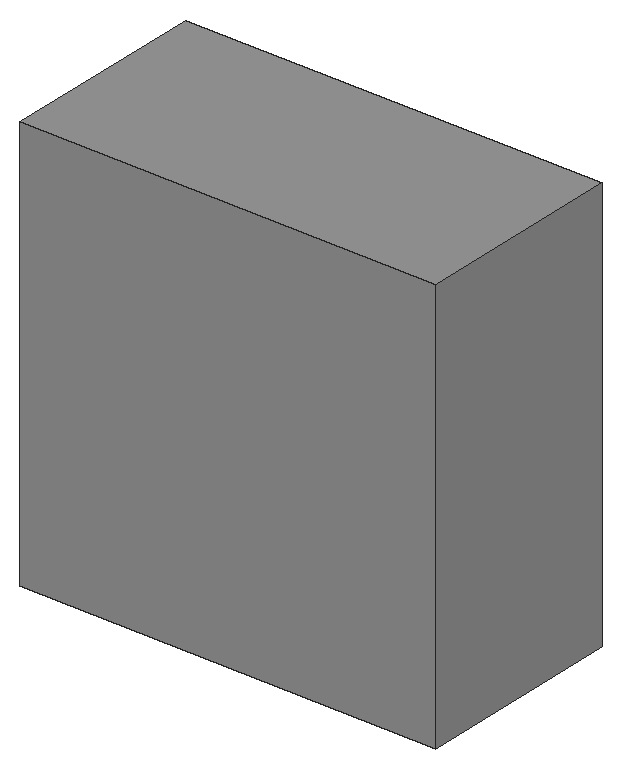
Revit family "EI_Energieversorgung_V1700", category Elektroinstallationen, Revit 2017
Family settings
  Beschriftungsausrichtung beibehalten = Nein
  Bemaßung runder Anschluss = Durchmesser verwenden
  Teiletyp = Normal
  OmniClass-Nummer = 23.80.00.00
  OmniClass-Titel = Electric Power and Lighting
  Arbeitsebenenbasiert = Nein
  Immer vertikal = Ja
  Beim Laden mit Abzugskörper schneiden = Ja
  Gemeinsam genutzt = Nein
  Raumberechnungspunkt = Nein
Parameters (values of type "Netzteil_ZK")
  pbr_Material_KZ = ""
  pbr_Material = none
  pbr_E_Typ = ""
  pbr_E_KZ = ""
  pbr_DINBild = 0
  pbr_Bild = 0
  pbr_3Dx_Delta_Korrekturversatz [instance] = 0 mm
  pbr_3DX_Versatzfaktor [instance] = 0
  pbr_2DY_Versatzfaktor [instance] = 0
  pbr_2DX_Versatzfaktor [instance] = 0
  cpiFitMatchKey [instance] = "E-NZGR"  # constant formula
  Zentrale [instance] = ""
  Wirkleistung [instance] = 0 W
  Typ [instance] = ""
  Tiefe = 40 mm
  Text3 [instance] = ""
  Text2 [instance] = ""
  Text1 [instance] = ""
  Spannung [instance] = 0
  Scheinleistung [instance] = 0 VA
  Schaltgruppe2 [instance] = 0
  Schaltgruppe1 [instance] = 0
  Polig [instance] = 1
  Planungsbüro Rohling = "www.pbr.de"
  Netzteil (ZK) = yes
  Netzteil (SR) = no
  Netzgerät (BMA) = no
  Nennstrom [instance] = 0
  Menge(Dosenzahl) [instance] = 0
  Länge = Breite  # 80 mm
  Linie/Anschluss [instance] = ""
  Leistungsfaktor [instance] = 0
  Lastklassifizierung = none
  Installationsart [instance] = ""
  Info [instance] = ""
  Gleichzeitigkeitsfaktor3 [instance] = 0
  Gleichzeitigkeitsfaktor2 [instance] = 0
  Gleichzeitigkeitsfaktor1 [instance] = 0
  Gewerk [instance] = "ZK"
  Eckversatz [instance] = 0 mm
  YFrontversatz [instance] = if(pbr_2DY_Versatzfaktor = 300, 0 mm, pbr_2DY_Versatzfaktor * 300 mm)  # 0 mm
  XSeitenversatz [instance] = if(pbr_2DX_Versatzfaktor = 0, 3000 mm, 3000 mm + (pbr_2DX_Versatzfaktor * 300 mm)) + Eckversatz  # 3000 mm
  X3Dversatz [instance] = if([3DX_Versatzkontrolle] = 0, 2000 mm, 2000 mm + ([3DX_Versatzkontrolle] * (300 mm - Breite))) + pbr_3Dx_Delta_Korrekturversatz  # 2000 mm
  Niveau [instance] = 1100 mm
  Breite = 80 mm
  Anlaufstrom [instance] = 0
  3DX_Versatzkontrolle [instance] = if(pbr_3DX_Versatzfaktor = 0, (pbr_2DX_Versatzfaktor * -1), (((-1 * pbr_3DX_Versatzfaktor) + pbr_2DX_Versatzfaktor) * -1))  # 0
Types (4, lengths in mm): name | Netzteil (ZK) | Netzteil (SR) | Gewerk
  Netzgeraet_BMA | yes | no | "BMA"
  Netzteil_HR | no | yes | "HR"
  Netzteil_SR | no | yes | "SR"
  Netzteil_ZK | yes | no | "ZK"
Reference planes
  plane 1 "Mitte (Vorne/Hinten)": y = 0
  plane 2: z = 0
  plane 3 "Mitte (Links/Rechts)": x = 22.5
  plane 4: x = -127.5
  plane 5: x = 172.5
  plane 6: y = 300
  plane 7 "Schalterhinten": y = 0
  plane 8: x = -2977.5
  plane 9: x = 22.5
  plane 10: x = -1977.5
  plane 11: x = -17.5
  plane 12: x = 62.5
  plane 13: z = 1140
  plane 14: z = 1060
  plane 15 "SchalterVorne": y = 40
  plane 16 "3DMitte": x = 22.5
  plane 17 "Achse": z = 1100
  plane 18: z = 1097.5
  plane 19: z = 1102.5
  plane 20 "2DMitte": y = 150
Forms (mm)
  Extrusion 1, solid, material "Stahl, weich, geschweißt"
    sketch origin (0, 20, 0) x (0, 0, 1) y (-1, 0, 0)
      loop
        line (1060, 17.5) -> (1060, -62.5) -> (1140, -62.5) -> (1140, 17.5) -> (1060, 17.5)
    from -20 to 20
Lines and regions (mm)
  model lines, not visible
    curve 1: line (-127.5, 0, 0) -> (172.5, 0, 0)
    curve 2: line (-127.5, 300, 0) -> (-127.5, 0, 0)
    curve 3: line (172.5, 300, 0) -> (-127.5, 300, 0)
    curve 4: line (172.5, 0, 0) -> (172.5, 300, 0)
Dimensions and locks
  locked: plane 6 to plane 7 "Schalterhinten" at 300
  "XSeitenversatz": plane 8 to plane 9
  plane 8 to plane 3 "Mitte (Links/Rechts)" = 3000 mm
  "YFrontversatz": plane 1 "Mitte (Vorne/Hinten)" to plane 7 "Schalterhinten"
  "Breite": plane 12 to plane 11
  "Länge": plane 13 to plane 14
  plane 9 to plane 10 = 2000 mm
  equal spacing: plane 12, plane 16 "3DMitte", plane 11
  "X3Dversatz": plane 16 "3DMitte" to plane 10
  equal spacing: plane 13, plane 17 "Achse", plane 14
  "Niveau": plane 17 "Achse" to level
  "Tiefe": plane 15 "SchalterVorne" to plane 1 "Mitte (Vorne/Hinten)"
  plane 13 to plane 18 = 42.5 mm
  plane 19 to plane 14 = 42.5 mm
  equal spacing: plane 4, plane 9, plane 5, locked at 150 each
  locked: plane 4 to plane 5 at 300
  equal spacing: plane 6, plane 20 "2DMitte", plane 7 "Schalterhinten", locked at 150 each
  aligned and locked: level to plane 2
  aligned and locked: curve 1 to plane 7 "Schalterhinten"
  aligned and locked: curve 2 to plane 4
  aligned and locked: plane 6 to curve 3
  aligned and locked: plane 5 to curve 4
  aligned and locked: Extrusion 1 sketch curve to plane 14
  aligned and locked: Extrusion 1 sketch curve to plane 11
  aligned and locked: Extrusion 1 sketch curve to plane 13
  aligned and locked: plane 12 to Extrusion 1 sketch curve
  aligned and locked: plane 1 "Mitte (Vorne/Hinten)" to Extrusion 1
  aligned and locked: Extrusion 1 to plane 15 "SchalterVorne"
  aligned and locked: nested 1 to plane 9
  aligned and locked: nested 1 to plane 7 "Schalterhinten"
  aligned and locked: nested 2 to plane 9
  aligned and locked: nested 2 to plane 7 "Schalterhinten"
Nested families
  nested 1: "Netzteil (HR)" at (22.5, 0, 0), visible <- "Netzteil (SR)", type "Netzteil (HR)"
  nested 2: "Netzteil (ZK)" at (22.5, 0, 0), visible <- "Netzteil (ZK)", type "Netzteil (ZK)"
Connectors
  electrical at (22.5, 0, 1100)
    settings: on Extrusion 1, index 1, voltage 0 V, apparent load 0 VA, apparent load phase1 0 VA, apparent load phase2 0 VA, apparent load phase3 0 VA, power factor 1, load classification "Sonstige", number of poles 1, system type 31, power factor state 1, is connector primary yes, connector utility no, sub classification motor no, connector description ""
Definition of nested family "Netzteil (HR)"
  Reference planes
    plane 1 "Mitte (Vorne/Hinten)": y = 0
    plane 2: z = 0
    plane 3 "Mitte (Links/Rechts)": x = 0
  Lines and regions (mm)
    Filled region 1, type "Beton", in view "Referenzebene"
      outline origin (-6.634, -1.636, 0) x (1, 0, 0) y (0, 1, 0)
        loop
          line (56.771, 96.201) -> (56.771, 87.531) -> (106.771, 87.531) -> (106.771, 96.201) -> (56.771, 96.201)
        loop
          line (56.771, 70.64) -> (56.771, 59.418) -> (107.143, 59.418) -> (107.143, 70.64) -> (56.771, 70.64)
        loop
          spline (-58.597, 139.378) -> (-65.12, 133.156) -> (-69.715, 131.177) -> (-72.682, 130.989) -> (-75.954, 131.869) -> (-80.164, 133.782) -> (-84.853, 136.19) -> (-88.708, 137.941) -> (-91.852, 138.912) -> (-95.11, 139.446) -> (-98.746, 139.291) -> (-103.54, 137.99) -> (-110.774, 131.729)
          line (-110.774, 131.729) -> (-110.774, 118.711)
          spline (-110.774, 118.711) -> (-104.991, 124.491) -> (-101.14, 126.773) -> (-97.398, 127.497) -> (-94.225, 127.096) -> (-90.752, 125.921) -> (-86.751, 123.857) -> (-82.595, 121.521) -> (-78.69, 119.903) -> (-74.811, 119.04) -> (-70.624, 118.913) -> (-65.76, 120.089) -> (-58.597, 126.052)
          line (-58.597, 126.052) -> (-58.597, 139.378)
    detail lines, in view "Referenzebene"
      curve 1: line (-150.071, 299.564, 0) -> (149.929, 299.564, 0)
      curve 2: line (149.929, 299.564, 0) -> (149.929, -0.436, 0)
      curve 3: line (149.929, -0.436, 0) -> (-150.071, -0.436, 0)
      curve 4: line (-150.071, -0.436, 0) -> (-150.071, 299.564, 0)
      curve 5: line (-150.071, -0.436, 0) -> (149.929, 299.564, 0)
  Dimensions and locks
    curve 4 to plane 3 "Mitte (Links/Rechts)" to curve 2 = 150.071 mm, 149.929 mm
Definition of nested family "Netzteil (ZK)"
  Reference planes
    plane 1 "Mitte (Vorne/Hinten)": y = 0
    plane 2: z = 0
    plane 3 "Mitte (Links/Rechts)": x = 0
  Lines and regions (mm)
    Filled region 1, type "Beton", in view "Referenzebene"
      outline origin (-6.341, -1.201, 0) x (1, 0, 0) y (0, 1, 0)
        loop
          line (56.771, 96.201) -> (56.771, 87.531) -> (106.771, 87.531) -> (106.771, 96.201) -> (56.771, 96.201)
        loop
          line (56.771, 70.64) -> (56.771, 59.418) -> (107.143, 59.418) -> (107.143, 70.64) -> (56.771, 70.64)
        loop
          spline (-58.597, 139.378) -> (-65.12, 133.156) -> (-69.715, 131.177) -> (-72.682, 130.989) -> (-75.954, 131.869) -> (-80.164, 133.782) -> (-84.853, 136.19) -> (-88.708, 137.941) -> (-91.852, 138.912) -> (-95.11, 139.446) -> (-98.746, 139.291) -> (-103.54, 137.99) -> (-110.774, 131.729)
          line (-110.774, 131.729) -> (-110.774, 118.711)
          spline (-110.774, 118.711) -> (-104.991, 124.491) -> (-101.14, 126.773) -> (-97.398, 127.497) -> (-94.225, 127.096) -> (-90.752, 125.921) -> (-86.751, 123.857) -> (-82.595, 121.521) -> (-78.69, 119.903) -> (-74.811, 119.04) -> (-70.624, 118.913) -> (-65.76, 120.089) -> (-58.597, 126.052)
          line (-58.597, 126.052) -> (-58.597, 139.378)
    detail lines, in view "Referenzebene"
      curve 1: line (-149.778, 300, 0) -> (150.222, 300, 0)
      curve 2: line (150.222, 300, 0) -> (150.222, 0, 0)
      curve 3: line (150.222, 0, 0) -> (-149.778, 0, 0)
      curve 4: line (-149.778, 0, 0) -> (-149.778, 300, 0)
      curve 5: line (-149.778, 0, 0) -> (150.222, 300, 0)
  Dimensions and locks
    curve 4 to plane 3 "Mitte (Links/Rechts)" to curve 2 = 149.778 mm, 150.222 mm
